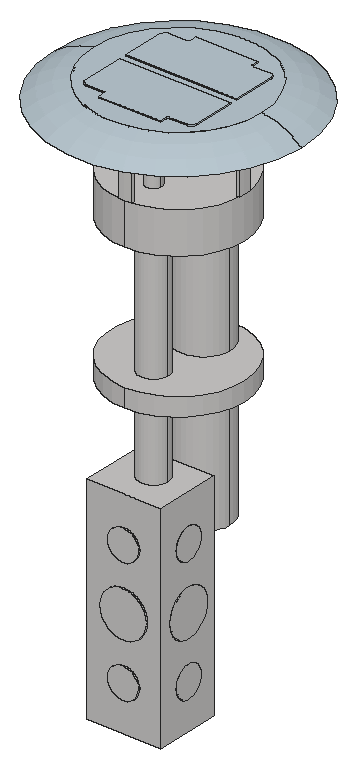
Revit family "Electrical_Equipment-Poke_Through-Hubbell_Wiring-System_One-S1PTAV", category Electrical Fixtures, host Face, Revit 2015
Parameters (values of type "FIT AV")
  Voltage = 120 V
  URL = "http://www.hubbell-wiring.com/"
  Subplate = Subplate : S1SP
  Product data url = "https://bimobject.com/hubbellwiring/product/systemone-s1ptavfit"
  Product Page URL = "http://ecatalog.hubbell-wiring.com/ProductInformation/ViewCatalog.aspx?Dest=hubbell-wiring.com/press/catalog/m.pdf&Page=4"
  Product Documentation Link = "http://ecatalog.hubbell-wiring.com/ProductInformation/ViewCatalog.aspx?Dest=hubbell-wiring.com/press/catalog/m.pdf&Page=4"
  Power Factor = 1
  Poke Through = Poke Through FIT AV : 6Plug
  Number of Poles = 1
  Model = "S1PTAV"
  Manufacturer = "Hubbell-Wiring"  # constant formula
  Load Classification = Power
  Junction Box Vertical = 0' - 10 15/32"
  Junction Box Horizontal = 0' - 1"
  Hardware Material = Metal-Hubbell-Steel
  Electrical Connector Description = "Power Connector"
  Description = "System One - 4\" Poke Through"
  Default Elevation = 0' - 0"
  Cover Material = Metal-Hubbell-Aluminum
  Conduit Connector 3 Description = "Conduit Connector 3"
  Conduit Connector 2 Description = "Conduit Connector 2"
  Conduit Connector 1 Description = "Conduit Connector 1"
  Assembly Code = "D5020115"
  Apparent Load = 4800 VA
Reference planes (in)
  plane 1 "Center (Front/Back)": y = 0
  plane 2: z = 0
  plane 3 "Center (Left/Right)": x = 0
  plane 4: z = -10.46875
  plane 5: y = -1
Forms (in)
  Extrusion 1, solid, detail levels coarse
    sketch origin (0, 0, 0) x (1, 0, 0) y (0, 1, 0)
      loop
        circle (0, 0) r 4
    from 0.29672 to -20.19
Lines and regions (in)
  symbolic lines
    curve 1: circle (0, 0, 0) r 4 normal (0, 0, 1)
  symbolic lines, detail levels coarse
    curve 2: line (0, 3.75, 0.57962) -> (0, 3.75, -20.19)
    curve 3: line (0, 3.75, 0.57962) -> (0, -3.75, 0.57962)
    curve 4: line (0, -3.75, -20.19) -> (0, 3.75, -20.19)
    curve 5: line (0, -3.75, 0.57962) -> (0, -3.75, -20.19)
    curve 6: line (4, 0, 0.29672) -> (-4, 0, 0.29672)
    curve 7: line (4, 0, -20.19) -> (4, 0, 0.29672)
    curve 8: line (-4, 0, -20.19) -> (4, 0, -20.19)
    curve 9: line (-4, 0, 0.29672) -> (-4, 0, -20.19)
Dimensions and locks (in)
  "Junction Box Vertical": plane 4 to level
  "Junction Box Horizontal": plane 5 to plane 1 "Center (Front/Back)"
  aligned and locked: host face to plane 2
  aligned and locked: host face to level
  aligned and locked: Extrusion 1 sketch curve to curve 1
  aligned and locked: Extrusion 1 to curve 4
  aligned and locked: curve 6 to Extrusion 1
  aligned and locked: curve 7 to Extrusion 1
  aligned and locked: curve 8 to Extrusion 1
  aligned and locked: curve 9 to Extrusion 1
  aligned and locked: level to nested 1
  aligned and locked: nested 2 to plane 4
  aligned and locked: level to nested 3
  aligned and locked: plane 1 "Center (Front/Back)" to nested 1
  aligned and locked: nested 1 to plane 3 "Center (Left/Right)"
  aligned and locked: nested 3 to plane 3 "Center (Left/Right)"
  aligned and locked: nested 2 to nested 3
  aligned and locked: plane 1 "Center (Front/Back)" to nested 3
Automatic sketch dimensions
  plane 1 "Center (Front/Back)" to curve 1 = 0' - 0"
  curve 1 to plane 3 "Center (Left/Right)" = 0' - 0"
  plane 1 "Center (Front/Back)" to curve 5 = 0' - 3 3/4"
  host sketch curve to host sketch curve = 8' - 0"
  host sketch curve to host sketch curve = 5' - 8.04774"
  curve 4 to plane 1 "Center (Front/Back)" = 0' - 3 3/4"
  level to curve 3 = 0' - 0.57962"
  radius of curve 1 = 0' - 4"
Nested families (in)
  nested 1: "Poke Through Cover" at (0, 0, 0) x (0, -1, 0) z (0, 0, 1), type "6Cover", detail levels medium+fine
  nested 2: "Junction Box" at (0, -1.12908, -10.46875), type "JunctionBox", detail levels medium+fine
  nested 3: "Poke Through FIT AV" at (0, 0, 0) x (0, -1, 0) z (0, 0, 1), type <- "Poke Through", type "6Plug", detail levels medium+fine
Connectors (in)
  cabletrayconduit at (0, -2.22874, -13.94375), diameter 24, driven by "Conduit Connector 1 Description"
    settings: on nested 2, index 1, connector width 1' - 0", connector height 1' - 0", connector angle 0.00°, system type 32, placement type 1, profile type 0, connector reference index -1, is primary connector yes, connector utility param no, connector description "Conduit Connector 1"
  cabletrayconduit at (1.23966, -1.12908, -13.94375), diameter 24, driven by "Conduit Connector 2 Description"
    settings: on nested 2, index 2, connector width 1' - 0", connector height 1' - 0", connector angle 0.00°, system type 32, placement type 1, profile type 0, connector reference index -1, is primary connector no, connector utility param no, connector description "Conduit Connector 2"
  cabletrayconduit at (0, -0.02943, -13.94375), diameter 24, driven by "Conduit Connector 3 Description"
    settings: on nested 2, index 3, connector width 1' - 0", connector height 1' - 0", connector angle 0.00°, system type 32, placement type 1, profile type 0, connector reference index -1, is primary connector no, connector utility param no, connector description "Conduit Connector 3"
  electrical at (0, -1.12908, -17.41875), driven by "Number of Poles", driven by "Load Classification", driven by "Voltage", driven by "Electrical Connector Description", driven by "Power Factor", driven by "Apparent Load"
    settings: on nested 2, index 7, voltage 120 V, apparent load 4800 VA, apparent load phase1 0 VA, apparent load phase2 0 VA, apparent load phase3 0 VA, power factor 1, load classification "Power", number of poles 1, system type 30, power factor state 1, is connector primary yes, connector utility no, sub classification motor no, connector description "Power Connector"
  cabletrayconduit at (0, 1, -12.47), diameter 24
    settings: on nested 3, index 8, connector width 1' - 0", connector height 1' - 0", connector angle 0.00°, system type 32, placement type 1, profile type 0, connector reference index -1, is primary connector no, connector utility param no, connector description ""
Definition of nested family "Poke Through Cover"
  Parameters
    Cover Material = none
    Assembly Code = ""
  Reference planes (in)
    plane 1 "Center (Front/Back)": y = 0
    plane 2: z = 0
    plane 3 "Center (Left/Right)": x = 0
    plane 4: z = -1.15491
    plane 5: z = 0.55
    plane 6: y = 3.45
  Forms (in)
    Revolve 1, solid, material <- "Cover Material", detail levels medium+fine
      sketch origin (0, 0, 0) x (0, 1, 0) y (0, 0, 1)
        loop
          arc (4, 0) -> (3.39097, 0.35613) -> (2.71262, 0.55) r 2.82079
          line (2.71262, 0.55) -> (2.71262, -0.5) -> (2.83302, -0.5) -> (2.83302, 0) -> (4, 0)
        axis (0, 0.55) -> (0, -0.5)
      angle from 0 to 360
    Extrusion 2, solid, material <- "Cover Material", detail levels medium+fine
      sketch origin (0, 0, 0) x (1, 0, 0) y (0, 1, 0)
        loop
          circle (0, 0) r 2.71262
      from 0 to 0.55
    Extrusion 3, solid, material <- "Cover Material", detail levels medium+fine
      sketch origin (0, 0, 0) x (1, 0, 0) y (0, 1, 0)
        loop
          arc (-1.68265, 1.06374) -> (-1.70167, 1.01867) -> (-1.74674, 0.99993) r 0.06374
          line (-1.74674, 0.99993) -> (-1.953, 0.99993) -> (-1.953, -1) -> (-1.74674, -1)
          arc (-1.74674, -1) -> (-1.70167, -1.01867) -> (-1.683, -1.06374) r 0.06374
          line (-1.683, -1.06374) -> (-1.68265, -1.61444)
          arc (-1.68265, -1.61444) -> (-1.63367, -1.73808) -> (-1.51331, -1.79465) r 0.18056
          line (-1.51331, -1.79465) -> (-0.133, -1.79465) -> (-0.133, 1.795) -> (-1.50209, 1.795)
          arc (-1.50209, 1.795) -> (-1.62977, 1.74211) -> (-1.68265, 1.61444) r 0.18056
          line (-1.68265, 1.61444) -> (-1.68265, 1.06374)
      from 0.55 to 0.57962
    Extrusion 4, solid, material <- "Cover Material", detail levels medium+fine
      sketch origin (0, 0, 0) x (-1, 0, 0) y (0, -1, 0)
        loop
          line (-1.68265, -1.06374) -> (-1.68265, -1.61444)
          arc (-1.68265, -1.61444) -> (-1.62977, -1.74211) -> (-1.50209, -1.795) r 0.18056
          line (-1.50209, -1.795) -> (-0.133, -1.795) -> (-0.133, 1.79465) -> (-1.51331, 1.79465)
          arc (-1.51331, 1.79465) -> (-1.63367, 1.73808) -> (-1.68265, 1.61444) r 0.18056
          line (-1.68265, 1.61444) -> (-1.683, 1.06374)
          arc (-1.683, 1.06374) -> (-1.70167, 1.01867) -> (-1.74674, 1) r 0.06374
          line (-1.74674, 1) -> (-1.953, 1) -> (-1.953, -0.99993) -> (-1.74674, -0.99993)
          arc (-1.74674, -0.99993) -> (-1.70167, -1.01867) -> (-1.68265, -1.06374) r 0.06374
      from 0.55 to 0.57962
  Cuts and joins
    joined: Revolve 1, Extrusion 2
  Lines and regions (in)
    Masking region 1
      outline origin (0, 0, 0) x (1, 0, 0) y (0, 1, 0)
        loop
          circle (0, 0) r 4
    symbolic lines, detail levels medium+fine
      curve 1: circle (0, 0, 0) r 2.71262 normal (0, 0, 1)
    symbolic lines, detail levels fine
      curve 2: line (-1.68265, 1.61444, 0) -> (-1.68265, 1.06374, 0)
      curve 3: arc (-1.683, 1.06374, 0) -> (-1.70167, 1.01867, 0) -> (-1.74674, 1, 0) r 0.06374
      curve 4: line (-1.74674, 0.99993, 0) -> (-1.953, 0.99993, 0)
      curve 5: line (-1.953, 0.99993, 0) -> (-1.953, -1, 0)
      curve 6: line (-1.953, -1, 0) -> (-1.74674, -1, 0)
      curve 7: arc (-1.74674, -1, 0) -> (-1.70167, -1.01867, 0) -> (-1.683, -1.06374, 0) r 0.06374
      curve 8: line (-1.683, -1.06374, 0) -> (-1.683, -1.61444, 0)
      curve 9: arc (-1.68265, -1.61444, 0) -> (-1.63367, -1.73808, 0) -> (-1.51331, -1.79465, 0) r 0.18056
      curve 10: line (-1.51331, -1.79465, 0) -> (-0.133, -1.79465, 0)
      curve 11: line (-0.133, -1.79465, 0) -> (-0.133, 1.795, 0)
      curve 12: line (-0.133, 1.795, 0) -> (-1.50209, 1.795, 0)
      curve 13: arc (-1.50209, 1.795, 0) -> (-1.62977, 1.74211, 0) -> (-1.68265, 1.61444, 0) r 0.18056
      curve 14: line (1.50209, 1.795, 0) -> (0.133, 1.795, 0)
      curve 15: line (0.133, 1.795, 0) -> (0.133, -1.79465, 0)
      curve 16: line (0.133, -1.79465, 0) -> (1.51331, -1.79465, 0)
      curve 17: arc (1.51331, -1.79465, 0) -> (1.63367, -1.73808, 0) -> (1.68265, -1.61444, 0) r 0.18056
      curve 18: line (1.683, -1.61444, 0) -> (1.683, -1.06374, 0)
      curve 19: arc (1.683, -1.06374, 0) -> (1.70167, -1.01867, 0) -> (1.74674, -1, 0) r 0.06374
      curve 20: line (1.74674, -1, 0) -> (1.953, -1, 0)
      curve 21: line (1.953, -1, 0) -> (1.953, 0.99993, 0)
      curve 22: line (1.953, 0.99993, 0) -> (1.74674, 0.99993, 0)
      curve 23: arc (1.74674, 1, 0) -> (1.70167, 1.01867, 0) -> (1.683, 1.06374, 0) r 0.06374
      curve 24: line (1.68265, 1.06374, 0) -> (1.68265, 1.61444, 0)
      curve 25: arc (1.68265, 1.61444, 0) -> (1.62977, 1.74211, 0) -> (1.50209, 1.795, 0) r 0.18056
  Dimensions and locks (in)
    plane 5 to level = 0' - 0.55"
    aligned and locked: plane 2 to level
    aligned and locked: Masking region 1 sketch curve to cut or joined group of Revolve 1, Extrusion 2
Definition of nested family "Junction Box"
  Parameters
    Hardware Material = none
    Assembly Code = ""
  Reference planes (in)
    plane 1 "Center (Front/Back)": y = 0
    plane 2: z = 0
    plane 3 "Center (Left/Right)": x = 0
  Forms (in)
    Extrusion 1, solid, material <- "Hardware Material", detail levels medium+fine
      sketch origin (0.63008, -7.06277, -6.95) x (1, 0, 0) y (0, 1, 0)
        loop
          line (-1.83508, 5.99777) -> (0.57492, 5.99777) -> (0.57492, 8.12777) -> (-1.83508, 8.12777) -> (-1.83508, 5.99777)
      from 0 to 6.95
    Extrusion 2, solid, material <- "Hardware Material", detail levels medium+fine
      sketch origin (0, 0, 0.06788) x (1, 0, 0) y (0, 0, 1)
        loop
          circle (0, -1.54288) r 0.5
        loop
          circle (0, -3.54288) r 0.75
        loop
          circle (0, -5.54288) r 0.5
      from 1.065 to 1.09966
    Extrusion 3, solid, material <- "Hardware Material", detail levels medium+fine
      sketch origin (0, 0, 0.06788) x (-1, 0, 0) y (0, 0, 1)
        loop
          circle (0, -1.54288) r 0.5
        loop
          circle (0, -3.54288) r 0.75
        loop
          circle (0, -5.54288) r 0.5
      from 1.065 to 1.09966
    Extrusion 4, solid, material <- "Hardware Material", detail levels medium+fine
      sketch origin (0.14, 0, 0.06788) x (0, 1, 0) y (0, 0, 1)
        loop
          circle (0, -1.54288) r 0.5
        loop
          circle (0, -3.54288) r 0.75
        loop
          circle (0, -5.54288) r 0.5
      from 1.065 to 1.09966
  Dimensions and locks (in)
    aligned and locked: plane 2 to level
Definition of nested family "Poke Through FIT AV"
  Parameters
    Hardware Material = none
    Assembly Code = ""
  Reference planes (in)
    plane 1 "Center (Front/Back)": y = 0
    plane 2: z = 0
    plane 3 "Center (Left/Right)": x = 0
    plane 4: z = 0.55
    plane 5: z = -3.35
    plane 6: z = -8.00875
    plane 7: z = -7.415
    plane 8: z = -10.47
    plane 9: z = -12.47
    plane 10: x = -2.14471
    plane 11: x = 2.14471
    plane 12: z = -2.00625
    plane 13: x = 1
  Forms (in)
    Extrusion 1, solid, material <- "Hardware Material", detail levels medium+fine
      sketch origin (0, 0, -1.75) x (1, 0, 0) y (0, 1, 0)
        loop
          circle (0, 0) r 2.14815
      from -1.6 to -0.25625
    Extrusion 2, solid, material <- "Hardware Material", detail levels medium+fine
      sketch origin (0, 0, 0) x (1, 0, 0) y (0, 1, 0)
        loop
          circle (-1, 0) r 0.25
        loop
          circle (1, 0) r 0.25
        loop
          line (-0.20471, 2.13732) -> (-0.20471, 2.04314)
          arc (-0.20471, 2.04314) -> (0, 2.05397) -> (0.20471, 2.04314) r 1.94
          line (0.20471, 2.04314) -> (0.20471, 2.13732)
          arc (0.20471, 2.13732) -> (0, 2.14815) -> (-0.20471, 2.13732) r 1.94
        loop
          line (2.13732, 0.20471) -> (2.04314, 0.20471)
          arc (2.04314, 0.20471) -> (2.05397, 0) -> (2.04314, -0.20471) r 1.94
          line (2.04314, -0.20471) -> (2.13732, -0.20471)
          arc (2.13732, -0.20471) -> (2.14815, 0) -> (2.13732, 0.20471) r 1.94
        loop
          line (0.20471, -2.13732) -> (0.20471, -2.04314)
          arc (0.20471, -2.04314) -> (0, -2.05397) -> (-0.20471, -2.04314) r 1.94
          line (-0.20471, -2.04314) -> (-0.20471, -2.13732)
          arc (-0.20471, -2.13732) -> (0, -2.14815) -> (0.20471, -2.13732) r 1.94
        loop
          line (-2.13732, -0.20471) -> (-2.04314, -0.20471)
          arc (-2.04314, -0.20471) -> (-2.05397, 0) -> (-2.04314, 0.20471) r 1.94
          line (-2.04314, 0.20471) -> (-2.13732, 0.20471)
          arc (-2.13732, 0.20471) -> (-2.14815, 0) -> (-2.13732, -0.20471) r 1.94
      from -2.00625 to 0
    Extrusion 3, solid, material <- "Hardware Material", detail levels medium+fine
      sketch origin (0, 0, -5.625) x (1, 0, 0) y (0, 1, 0)
        loop
          circle (0, 0) r 2.14815
      from -1.79 to -2.38375
    Extrusion 4, solid, material <- "Hardware Material", detail levels medium+fine
      sketch origin (-1, 0, 0) x (0, -1, 0) y (1, 0, 0)
        loop
          circle (0, 0) r 0.875
      from -3.35 to -12.47
    Extrusion 5, solid, material <- "Hardware Material", detail levels medium+fine
      sketch origin (1, 0, 0) x (0, -1, 0) y (1, 0, 0)
        loop
          circle (0, 0) r 0.46875
      from -3.35 to -10.47
  Cuts and joins
    joined: Extrusion 3, Extrusion 4, Extrusion 5
  Dimensions and locks (in)
    aligned and locked: plane 2 to level
    aligned and locked: Extrusion 4 to plane 9
    aligned and locked: Extrusion 5 to plane 8
    aligned and locked: Extrusion 3 to plane 7
    aligned and locked: plane 6 to Extrusion 3
    aligned and locked: plane 5 to Extrusion 5
    aligned and locked: Extrusion 5 to Extrusion 4
    aligned and locked: Extrusion 1 to plane 5
    aligned and locked: plane 12 to Extrusion 1
    aligned and locked: Extrusion 2 to Extrusion 1
